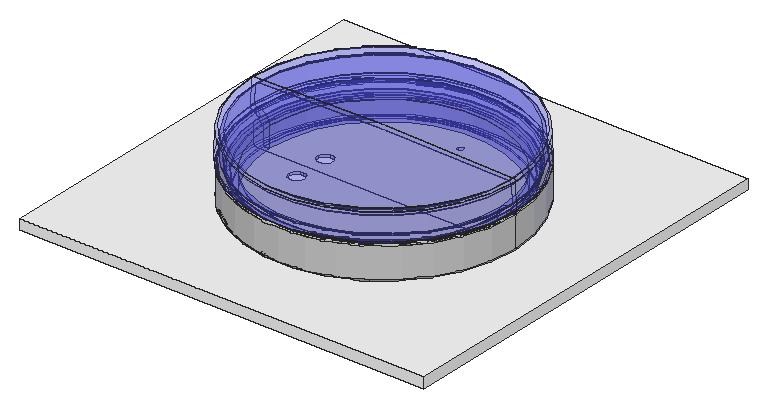
Revit family "BE_33680_de_DE", category Leuchten, Revit 2020
Family settings
  Basisbauteil = Fläche
  Bemaßung runder Anschluss = Durchmesser verwenden
  Teiletyp = Normal
  Beim Laden mit Abzugskörper schneiden = Ja
  Lichtquelle = Ja
  Gemeinsam genutzt = Nein
  Raumberechnungspunkt = Ja
Parameters (values of type "BEGA_33680_Silber_K4")
  built-in parameter 1150104 = 11.052 (stored number, unit not read)
  Wattage = 17.4 W
  Default Elevation = 0 mm
  built-in parameter 1150113 = 1 (stored number, unit not read)
  built-in parameter 1114218 = 1 (stored number, unit not read)
  Umgebungstemperatur = "25 °C"
  URL = "https://www.bega.com/de/produkt/33680"
  Typenkommentare = "© 2022 BEGA. Wir behalten uns das Recht vor, technische Änderungen ohne vorherige Ankündigung vorzunehmen."  # constant formula
  Type Image = 33680.png
  built-in parameter 1150134 = 12
  built-in parameter 1150109 = 1 (stored number, unit not read)
  Strom = ""
  built-in parameter 1150110 = 1 (stored number, unit not read)
  Spannung = 239.996 V
  Sonderanfertigung = no
  Seriennummer [instance] = "Hier können Sie die eindeutige Seriennummer für das Facility Management eintragen."
  Schutzklasse = "I"
  Schutzart = "IP 64"
  Scheinlast = 0 VA
  Produktdatenblatt = "https://cdn.bega.com/bega/products/33680AK4/current/documents/data-sheets/de"
  Neigungswinkel = 0.00°
  Modell = "33680AK4"
  Material_11 = BEGA_Glas_opal
  Material_02 = BEGA_Oberfläche_Silber_matt
  Material_01 [instance] = BEGA_Oberfläche_Grafit_matt
  M_W = no
  M_G = no
  M_A = yes
  Logo = 0
  built-in parameter 1114217 = 1 (stored number, unit not read)
  built-in parameter 1150139 = (empty or 0)
  built-in parameter 1150105 = 164.72 (stored number, unit not read)
  built-in parameter 1150114 = 1 (stored number, unit not read)
  Lumens = 2069.9 lm
  built-in parameter 1150115 = 1 (stored number, unit not read)
  Leuchtenlichtstrom = "1433 lm"
  Leuchtenanzahl = ""
  Lebensdauerkriterien = "L70B50 @ 25 °C = 193000 h"
  Lastklassifizierung = Beleuchtung
  built-in parameter 1150112 = 1 (stored number, unit not read)
  Lampenlichtstrom = "2625 lm"
  Lampe = "LED 13.8 W"
  LED_Modulbezeichnung = "LED-0854/840"
  built-in parameter 1150142 = (empty or 0)
  Hersteller = "BEGA"  # constant formula
  Halbstreuwinkel = ""
  Gewicht = "2.2 kg"
  Gebrauchslageneinschränkung [instance] = ""
  Frequenz = "0/50-60 Hz"
  Farbwiedergabeindex = "CRI > 80"
  Farbtemperaturverschiebung bei Dämpfen der Lampe = <Keine Auswahl>
  Farbtemperatur = "4000 K"
  Color Filter = 16777215
  built-in parameter 1150133 = 10 (stored number, unit not read)
  Energieeffizienzklasse = "LED A++ - A"
  built-in parameter 1150137 = (empty or 0)
  built-in parameter 1150132 = (empty or 0)
  ENEC = "ja"
  Dimmbar [instance] = "DALI"
  Datei für fotometrisches Netz = "BE_33680K4.IES"
  CE_Konformität = "ja"
  Bestellnummer = "33680AK4"
  Beschreibung_Sonderanfertigung = "Hier können Sie Informationen zur Sonderanfertigung eintragen."
  Beschreibung = "Decken- und Wandleuchte"
  built-in parameter 1150106 = 1.6472 (stored number, unit not read)
  Befestigungsbohrung = "Ø 5,5 mm"
  Befestigungsabstand = "190 mm"
  BEGA_Intern_aus = yes
  BEGA_Intern_an = yes
  BEGA_Intern_Konstruktion = yes
  BEGA_Intern = yes
  BEGA_IES = yes
  BEGA_Dummy = no
  Anschlussleistung [instance] = "15.6 W"
  built-in parameter 1150107 = 4000 (stored number, unit not read)
  built-in parameter 1150102 = (empty or 0)
  built-in parameter 1150138 = (empty or 0)
  Aktualisierung = "2022-05-18T04:00:07"
  AC/DC = "AC/DC"
Types (4, lengths in mm): name | built-in parameter 1150104 | built-in parameter 1150134 | Modell | M_G | M_A | built-in parameter 1150105 | Lumens | Leuchtenlichtstrom | Lampenlichtstrom | LED_Modulbezeichnung | Farbtemperatur | Datei für fotometrisches Netz | Bestellnummer | built-in parameter 1150106 | built-in parameter 1150107
  BEGA_33680_Silber_K4 | 11.052 (stored number, unit not read) | 12 | "33680AK4" | no | yes | 164.72 (stored number, unit not read) | 2069.9 lm | "1433 lm" | "2625 lm" | "LED-0854/840" | "4000 K" | "BE_33680K4.IES" | "33680AK4" | 1.6472 (stored number, unit not read) | 4000 (stored number, unit not read)
  BEGA_33680_Silber_K3 | 10.465 (stored number, unit not read) | (empty or 0) | "33680AK3" | no | yes | 155.97 (stored number, unit not read) | 1959.94 lm | "1411 lm" | "2585 lm" | "LED-0854/830" | "3000 K" | "BE_33680K3.IES" | "33680AK3" | 1.5597 (stored number, unit not read) | 3000 (stored number, unit not read)
  BEGA_33680_Grafit_K4 | 11.052 (stored number, unit not read) | 12 | "33680K4" | yes | no | 164.72 (stored number, unit not read) | 2069.9 lm | "1433 lm" | "2625 lm" | "LED-0854/840" | "4000 K" | "BE_33680K4.IES" | "33680K4" | 1.6472 (stored number, unit not read) | 4000 (stored number, unit not read)
  BEGA_33680_Grafit_K3 | 10.465 (stored number, unit not read) | (empty or 0) | "33680K3" | yes | no | 155.97 (stored number, unit not read) | 1959.94 lm | "1411 lm" | "2585 lm" | "LED-0854/830" | "3000 K" | "BE_33680K3.IES" | "33680K3" | 1.5597 (stored number, unit not read) | 3000 (stored number, unit not read)
Reference planes
  plane 1 "Mitte (Vorne/Hinten)": y = 0
  plane 2: z = 0
  plane 3 "Mitte (Links/Rechts)": x = 0
  plane 4 "Links": x = -131.498
  plane 5 "Rechts": x = 131.498
  plane 6 "Unten": y = -131.483
  plane 7 "Oben": y = 131.446
  plane 8 "Vorne": z = 65.039
Forms (mm)
  Extrusion 1, solid, material "BEGA_Platte_Weiss"
    sketch origin (0, -1119.2, 0) x (1, 0, 0) y (0, 1, 0)
      loop
        line (-200, 1319.2) -> (-200, 919.2) -> (200, 919.2) -> (200, 1319.2) -> (-200, 1319.2)
    from 0 to -10
  Extrusion 2, solid, material "BEGA_Dummy_matt", visible <- "BEGA_Dummy"
    sketch origin (77.149, -76.023, 0) x (1, 0, 0) y (0, 1, 0)
      loop
        circle (-77.149, 76.023) r 131.499
    from 0 to 65.039
Dimensions and locks
  plane 1 "Mitte (Vorne/Hinten)" to Extrusion 1 = 200 mm
  aligned and locked: plane 2 to Extrusion 1
  aligned and locked: level to Extrusion 1
Nested families
  nested 1: "BE_33680" at (0, 0, 0), type "BE_33680"
Connectors
  electrical at (0, 0, 0), driven by "Lastklassifizierung", driven by "Spannung", driven by "Scheinlast"
    settings: index 1, voltage 239.996 V, apparent load 0 VA, apparent load phase1 0 VA, apparent load phase2 0 VA, apparent load phase3 0 VA, power factor 1, load classification "Beleuchtung", number of poles 1, system type 31, power factor state 1, is connector primary yes, connector utility no, sub classification motor no, connector description ""
Definition of nested family "BE_33680"
  Parameters (values of type "BE_33680")
    Default Elevation = 1 mm
    URL = "http://www.bega.de/de/produkt"
    Type Comments = "© 2015 BEGA. Wir behalten uns das Recht vor, technische Änderungen ohne vorherige Ankündigung vorzunehmen. "  # constant formula
    Type Image = (empty or 0)
    Material_17 = none
    Material_15 = none
    Material_11 = none
    Material_09 = none
    Material_06 = none
    Material_02 = none
    Material_01 = none
    M_W = yes
    M_G = yes
    M_A = yes
    Länge_Platte = 200 mm  # constant formula
    Höhe_Platte = -10 mm  # constant formula
    Manufacturer = "BEGA"  # constant formula
    Breite_Platte = 200 mm  # constant formula
  Reference planes
    plane 1 "Mitte (Oben/Unten)": y = 0
    plane 2: z = 0
    plane 3 "Mitte (Links/Rechts)": x = 0
    plane 4 "Vorne": z = 65.039
    plane 5 "Rechts": x = 131.498
    plane 6 "Oben": y = 131.446
    plane 7 "Unten": y = -131.483
    plane 8: x = -131.498
  Forms (mm)
    Extrusion 1, solid, detail levels medium
      sketch origin (0, 0, 0) x (1, 0, 0) y (0, 1, 0)
        loop
          line (-100, 100) -> (-100, -100) -> (100, -100) -> (100, 100) -> (-100, 100)
      from 0 to -10 <- "Höhe_Platte"
    Revolve 2, solid, material <- "Material_11", detail levels medium+fine
      sketch origin (0, 0, 0) x (1, 0, 0) y (0, 0, 1)
        loop
          arc (0, 65.043) -> (-64.321, 64.269) -> (-128.635, 63.044) r 9149.205
          arc (-128.635, 63.044) -> (-129.996, 62.465) -> (-130.588, 61.11) r 2
          line (-130.588, 61.11) -> (-131.499, 35.036)
          arc (-131.499, 35.036) -> (-130.952, 33.588) -> (-129.535, 32.964) r 2
          line (-129.535, 32.964) -> (-124.454, 32.876)
          arc (-124.454, 32.876) -> (-122.145, 31.214) -> (-122.885, 28.468) r 2.5
          arc (-122.885, 28.468) -> (-123.459, 26.769) -> (-122.218, 25.474) r 1.73
          line (-122.218, 25.474) -> (-119.241, 24.676)
          arc (-119.241, 24.676) -> (-118.707, 24.32) -> (-118.5, 23.712) r 1
          line (-118.5, 23.712) -> (-118.5, 6.657) -> (-118.5, 4.5) -> (-112.5, 4.5) -> (-112.5, 24.875)
          arc (-112.5, 24.875) -> (-115.967, 33.312) -> (-124.364, 36.875) r 12
          arc (-124.364, 36.875) -> (-126.498, 37.806) -> (-127.324, 39.983) r 3
          line (-127.324, 39.983) -> (-126.762, 56.054)
          arc (-126.762, 56.054) -> (-125.872, 58.084) -> (-123.83, 58.948) r 3
          arc (-123.83, 58.948) -> (-61.918, 60.105) -> (0, 60.842) r 9145.004
          line (0, 60.842) -> (0, 65.043)
        axis (0, 65.043) -> (0, 4.5)
      angle from 0 to 360
    Revolve 3, solid, material <- "Material_01", visible <- "M_G", detail levels medium+fine
      sketch origin (0, 0, 0) x (1, 0, 0) y (0, 0, 1)
        loop
          line (-124.849, 27.161) -> (-124, 28.009) -> (-128.095, 32.105)
          arc (-128.095, 32.105) -> (-128.533, 32.397) -> (-129.05, 32.5) r 1.35
          arc (-129.05, 32.5) -> (-130.003, 32.106) -> (-130.4, 31.155) r 1.35
          line (-130.4, 31.155) -> (-130.4, 1.5)
          arc (-130.4, 1.5) -> (-129.961, 0.439) -> (-128.9, 0) r 1.5
          line (-128.9, 0) -> (0, 0) -> (0, 2) -> (-128.2, 2)
          arc (-128.2, 2) -> (-128.907, 2.293) -> (-129.2, 3) r 1
          line (-129.2, 3) -> (-129.2, 31.512) -> (-124.849, 27.161)
        axis (0, 0) -> (0, 32.5)
      angle from 0 to 360
    Extrusion 4, void
      sketch origin (0, 0, 0) x (1, 0, 0) y (0, 1, 0)
        loop
          circle (0, 95) r 2.75
        loop
          circle (0, -95) r 2.75
        loop
          circle (-72, 17.5) r 7.5
        loop
          circle (-72, -17.5) r 7.5
      from 0 to 6.3
    Revolve 5, solid, material <- "Material_02", visible <- "M_A", detail levels medium+fine
      sketch origin (0, 0, 0) x (1, 0, 0) y (0, 0, 1)
        loop
          line (-124.849, 27.161) -> (-124, 28.009) -> (-128.095, 32.105)
          arc (-128.095, 32.105) -> (-128.533, 32.397) -> (-129.05, 32.5) r 1.35
          arc (-129.05, 32.5) -> (-130.003, 32.106) -> (-130.4, 31.155) r 1.35
          line (-130.4, 31.155) -> (-130.4, 1.5)
          arc (-130.4, 1.5) -> (-129.961, 0.439) -> (-128.9, 0) r 1.5
          line (-128.9, 0) -> (0, 0) -> (0, 2) -> (-128.2, 2)
          arc (-128.2, 2) -> (-128.907, 2.293) -> (-129.2, 3) r 1
          line (-129.2, 3) -> (-129.2, 31.512) -> (-124.849, 27.161)
        axis (0, 0) -> (0, 32.5)
      angle from 0 to 360
    Extrusion 6, void
      sketch origin (0, 0, 0) x (1, 0, 0) y (0, 1, 0)
        loop
          circle (0, 95) r 2.75
        loop
          circle (0, -95) r 2.75
        loop
          circle (-72, 17.5) r 7.5
        loop
          circle (-72, -17.5) r 7.5
      from 0 to 6.3
  Cuts and joins
    Extrusion 4 cuts Revolve 2
    Extrusion 4, Extrusion 6 cuts Revolve 3
    Extrusion 6 cuts Revolve 5
  Dimensions and locks
    equal spacing: Extrusion 1 sketch curve, plane 3 "Mitte (Links/Rechts)", Extrusion 1 sketch curve
    equal spacing: Extrusion 1 sketch curve, plane 1 "Mitte (Oben/Unten)", Extrusion 1 sketch curve
    "Länge_Platte": Extrusion 1 sketch curve to Extrusion 1 sketch curve
    "Breite_Platte": Extrusion 1 sketch curve to Extrusion 1 sketch curve
    aligned and locked: plane 2 to Extrusion 1
    aligned and locked: level to Extrusion 1
  Automatic sketch dimensions
    Revolve 2 sketch curve to Revolve 2 sketch curve = 0 mm  (x10)
    level to Revolve 2 sketch curve = 35.036 mm
    Revolve 2 sketch curve to Revolve 2 sketch curve = 0.911 mm
    level to Revolve 2 sketch curve = 32.964 mm
    Revolve 2 sketch curve to Revolve 2 sketch curve = 1.964 mm
    Revolve 2 sketch curve to Revolve 2 sketch curve = 0.035 mm
    Revolve 2 sketch curve to Revolve 2 sketch curve = 1.999 mm
    Revolve 2 sketch curve to Revolve 2 sketch curve = 2.176 mm
    Revolve 2 sketch curve to Revolve 2 sketch curve = 5.035 mm
    level to Revolve 2 sketch curve = 32.876 mm
    Revolve 2 sketch curve to Revolve 2 sketch curve = 0.046 mm  (x2)
    Revolve 2 sketch curve to Revolve 2 sketch curve = 2.998 mm  (x2)
    Revolve 2 sketch curve to Revolve 2 sketch curve = 4.825 mm
    Revolve 2 sketch curve to Revolve 2 sketch curve = 2.73 mm
    Revolve 2 sketch curve to Revolve 2 sketch curve = 2.27 mm  (x2)
    Revolve 2 sketch curve to Revolve 2 sketch curve = 1 mm
    Revolve 2 sketch curve to Revolve 2 sketch curve = 6 mm
    plane 3 "Mitte (Links/Rechts)" to Revolve 2 sketch curve = 0 mm
    plane 3 "Mitte (Links/Rechts)" to Revolve 2 sketch curve = 77.874 mm
    Revolve 2 sketch curve to Revolve 2 sketch curve = 2.5 mm
    Revolve 2 sketch curve to Revolve 2 sketch curve = 3.231 mm
    Revolve 2 sketch curve to Revolve 2 sketch curve = 3.433 mm
    Revolve 2 sketch curve to Revolve 2 sketch curve = 0.001 mm  (x3)
    level to Revolve 2 sketch curve = 6.657 mm
    Revolve 2 sketch curve to Revolve 2 sketch curve = 2.157 mm
    Revolve 2 sketch curve to Revolve 2 sketch curve = 6.999 mm
    Revolve 2 sketch curve to Revolve 2 sketch curve = 0.108 mm
    Revolve 2 sketch curve to Revolve 2 sketch curve = 16.075 mm
    level to Revolve 2 sketch curve = 60.842 mm
    Revolve 2 sketch curve to Revolve 2 sketch curve = 5.094 mm
    Revolve 2 sketch curve to Revolve 2 sketch curve = 0.067 mm
    Revolve 2 sketch curve to Revolve 2 sketch curve = 4.201 mm
    Revolve 2 sketch curve to Revolve 2 sketch curve = 0.039 mm
    Revolve 2 sketch curve to Revolve 2 sketch curve = 0.066 mm
    Revolve 2 sketch curve to Revolve 2 sketch curve = 1.115 mm
    Revolve 2 sketch curve to Revolve 2 sketch curve = 0.448 mm
    level to Revolve 2 sketch curve = 25.474 mm
    level to Revolve 2 sketch curve = 24.676 mm
    Revolve 2 sketch curve to Revolve 2 sketch curve = 0.259 mm
    Revolve 2 sketch curve to Revolve 2 sketch curve = 1.163 mm
    Revolve 2 sketch curve to Revolve 2 sketch curve = 14.026 mm
    Revolve 2 sketch curve to Revolve 2 sketch curve = 0.105 mm
    Revolve 3 sketch curve to Revolve 3 sketch curve = 0 mm  (x7)
    Revolve 3 sketch curve to level = 0 mm  (x2)
    Revolve 3 sketch curve to plane 3 "Mitte (Links/Rechts)" = 0 mm  (x2)
    level to Revolve 3 sketch curve = 28.009 mm
    level to Revolve 3 sketch curve = 27.161 mm
    Revolve 3 sketch curve to Revolve 3 sketch curve = 0.849 mm
    level to Revolve 3 sketch curve = 32.105 mm
    level to Revolve 3 sketch curve = 2 mm
    Revolve 3 sketch curve to Revolve 3 sketch curve = 3.351 mm
    Revolve 3 sketch curve to Revolve 3 sketch curve = 0.7 mm
    Revolve 3 sketch curve to Revolve 3 sketch curve = 0.955 mm  (x2)
    Revolve 3 sketch curve to Revolve 3 sketch curve = 1 mm
    Revolve 3 sketch curve to Revolve 3 sketch curve = 1.2 mm
    Revolve 3 sketch curve to Revolve 3 sketch curve = 0.5 mm
    Revolve 3 sketch curve to Revolve 3 sketch curve = 0.005 mm
    Revolve 3 sketch curve to Revolve 3 sketch curve = 0.362 mm
    Revolve 3 sketch curve to Revolve 3 sketch curve = 0.15 mm
    Revolve 3 sketch curve to Revolve 3 sketch curve = 13 mm
    Extrusion 4 sketch curve to plane 3 "Mitte (Links/Rechts)" = 0 mm  (x2)
    plane 1 "Mitte (Oben/Unten)" to Extrusion 4 sketch curve = 17.5 mm
    Extrusion 4 sketch curve to plane 3 "Mitte (Links/Rechts)" = 72 mm
    Extrusion 4 sketch curve to Extrusion 4 sketch curve = 0 mm
    plane 1 "Mitte (Oben/Unten)" to Extrusion 4 sketch curve = 95 mm
    Extrusion 4 sketch curve to plane 1 "Mitte (Oben/Unten)" = 17.5 mm
    Extrusion 4 sketch curve to plane 1 "Mitte (Oben/Unten)" = 95 mm
    Revolve 5 sketch curve to Revolve 5 sketch curve = 0 mm  (x7)
    Revolve 5 sketch curve to level = 0 mm  (x2)
    Revolve 5 sketch curve to plane 3 "Mitte (Links/Rechts)" = 0 mm  (x2)
    level to Revolve 5 sketch curve = 28.009 mm
    level to Revolve 5 sketch curve = 27.161 mm
    Revolve 5 sketch curve to Revolve 5 sketch curve = 0.849 mm
    level to Revolve 5 sketch curve = 32.105 mm
    level to Revolve 5 sketch curve = 2 mm
    Revolve 5 sketch curve to Revolve 5 sketch curve = 3.351 mm
    Revolve 5 sketch curve to Revolve 5 sketch curve = 0.7 mm
    Revolve 5 sketch curve to Revolve 5 sketch curve = 0.955 mm  (x2)
    Revolve 5 sketch curve to Revolve 5 sketch curve = 1 mm
    Revolve 5 sketch curve to Revolve 5 sketch curve = 1.2 mm
    Revolve 5 sketch curve to Revolve 5 sketch curve = 0.5 mm
    Revolve 5 sketch curve to Revolve 5 sketch curve = 0.005 mm
    Revolve 5 sketch curve to Revolve 5 sketch curve = 0.362 mm
    Revolve 5 sketch curve to Revolve 5 sketch curve = 0.15 mm
    Revolve 5 sketch curve to Revolve 5 sketch curve = 13 mm
    Extrusion 6 sketch curve to plane 3 "Mitte (Links/Rechts)" = 0 mm  (x2)
    plane 1 "Mitte (Oben/Unten)" to Extrusion 6 sketch curve = 17.5 mm
    Extrusion 6 sketch curve to plane 3 "Mitte (Links/Rechts)" = 72 mm
    Extrusion 6 sketch curve to Extrusion 6 sketch curve = 0 mm
    plane 1 "Mitte (Oben/Unten)" to Extrusion 6 sketch curve = 95 mm
    Extrusion 6 sketch curve to plane 1 "Mitte (Oben/Unten)" = 17.5 mm
    Extrusion 6 sketch curve to plane 1 "Mitte (Oben/Unten)" = 95 mm
    Revolve 2 sketch curve to level = 9083.831 mm
    Revolve 2 sketch curve to plane 3 "Mitte (Links/Rechts)" = 112.5 mm
    Revolve 3 sketch curve to plane 3 "Mitte (Links/Rechts)" = 124 mm
    Revolve 5 sketch curve to plane 3 "Mitte (Links/Rechts)" = 124 mm
    radius of Extrusion 4 sketch curve = 2.75 mm  (x2)
    radius of Extrusion 4 sketch curve = 7.5 mm  (x2)
    radius of Extrusion 6 sketch curve = 2.75 mm  (x2)
    radius of Extrusion 6 sketch curve = 7.5 mm  (x2)
